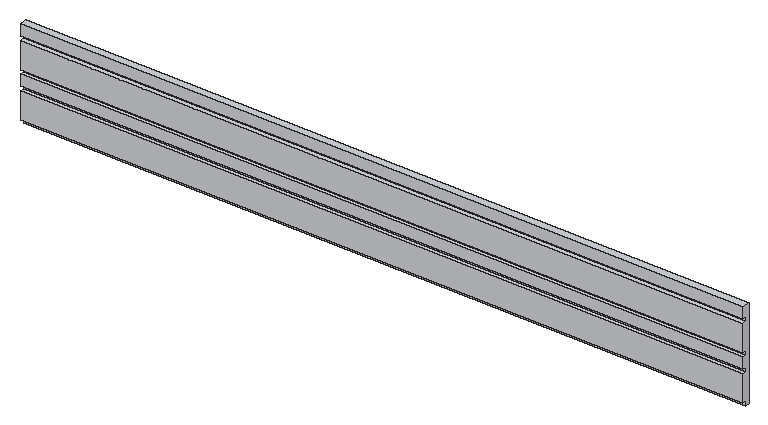
Revit family "OracDecor_W119", category Обобщенные модели, Revit 2019
Family settings
  Может служить основой для арматурных стержней = Нет
  Размер круглого соединителя = Использовать диаметр
  Тип детали = Нормальный
  На основе рабочей плоскости = Нет
  Всегда вертикально = Да
  При загрузке вырезать с полостями = Нет
  Общий = Нет
  Точка расчета площади = Нет
Parameters
  Изготовитель = "Family from POCHERTEAM"  # constant formula
  URL = "t.me/pocherteam"
Reference planes
  plane 1 "По центру (Вперед/Назад)": y = 0
  plane 2: z = 0
  plane 3 "По центру (Влево/Вправо)": x = 0
Forms (mm)
  Extrusion 1, solid
    sketch origin (0, 0, 0) x (0, 1, 0) y (0, 0, 1)
      loop
        line (0, 0) -> (0, 250) -> (-20, 250) -> (-20, 220.033) -> (-8, 219.383) -> (-8, 208.983) -> (-20, 208.333) -> (-20, 136.7) -> (-8, 136.05) -> (-8, 125.65) -> (-20, 125) -> (-20, 95.033) -> (-8, 94.383) -> (-8, 83.983) -> (-20, 83.333) -> (-20, 11.633) -> (-8, 10.983) -> (-8, 0) -> (0, 0)
    from 0 to 2000
Dimensions and locks
  Extrusion 1 to level = 250 mm  (x2)
  Extrusion 1 to plane 3 "По центру (Влево/Вправо)" = 2000 mm
  plane 1 "По центру (Вперед/Назад)" to Extrusion 1 = 20 mm
  aligned and locked: level to plane 2
